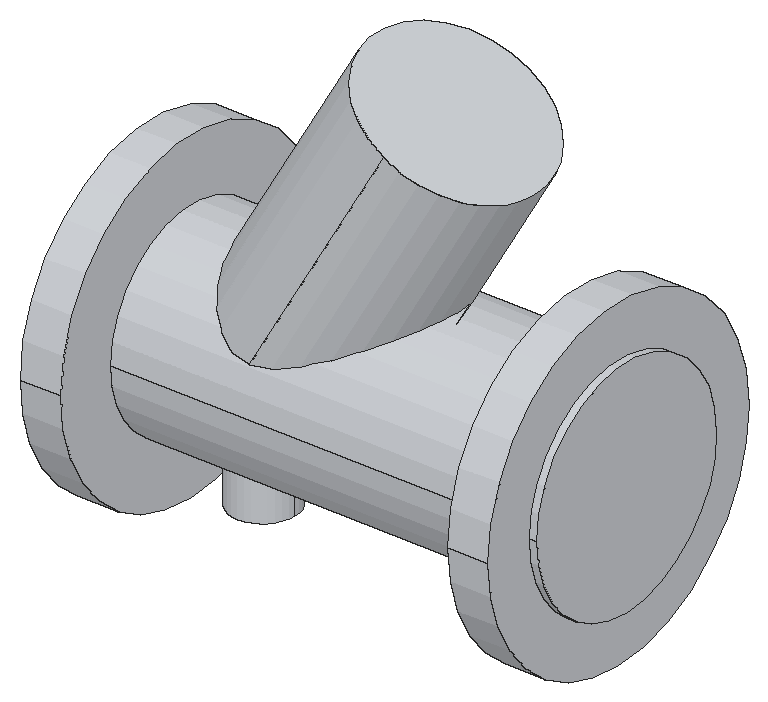
Revit family "HS 821-síto_jemné-PN40-DN100-RFA_2018", category Pipe Accessories, Revit 2018
Family settings
  Round Connector Dimension = Use Diameter
  Part Type = Breaks Into
  Work Plane-Based = No
  Always vertical = Yes
  Cut with Voids When Loaded = No
  Shared = No
Parameters (values of type "821F-DN100-PN40-síto_jemné")
  magiProductId = "8a45d4e8e2ab425f8c432f21d684f3"
  magiProductFamilyId = "79214ac3aaa945e397802f559f5c1e"
  magiPartTypeId = 307
  isMeasuringValve [instance] = no
  ang2D [instance] = 0.00°
  ZB__ve = -ZB  # -37.25 mm
  ZB1 = 65.61 mm
  ZB = 37.25 mm
  X2 = 114.857 mm
  X1 = 49 mm
  W2D = 15 mm
  VersionID = "2.0/2017.9.26.1/ZETKAMA_821_001"
  Use Minimum Symbol Size [instance] = yes
  URL = "www.hydronic.cz"
  Type Comments = "Filtr přírubový; síto jemné; A-PN16 (-10~300°C); D-PN25 (-10~350°C); F-PN40 (-10~400°C)"
  S = 162 mm
  QmdConnectorList = "301;D;302;D"
  Productdata [instance] = ""
  Manufacturer = "Hydronic Systems Prague s.r.o."
  MC Product Code = "250 690 (821F; DN100; PN40; kvs206,4; oko síta 0,63mm)"
  LM1 = 28 mm
  LM = 280 mm
  L4 = 87.5 mm
  L2D_Min = 3048 mm
  L2D = 130 mm
  L2 = 175 mm
  HH2 = 198.937 mm
  FD = 235 mm
  Description = "Filtr přírubový; síto jemné; 821A-PN16; 821D-PN25; 821F-PN40"
  DM1 = 131.4 mm
  DM = 145.8 mm
  D = 100 mm
  CC = 5.95 mm
  CAT0 = yes
  C1 = 29.05 mm
  C = 35 mm
  BD = 45.927 mm
Types (40, lengths in mm): name | magiProductId | ZB__ve | ZB1 | ZB | X2 | X1 | S | MC Product Code | LM1 | LM | L4 | L2 | HH2 | FD | DM1 | DM | D | CC | C1 | C | BD
  821A-DN015-PN16-síto_jemné | "a71bcfe8b393460598b23e8ddf7dc5" | -16.25 | 18.63 | 16.25 | 46.982 | 18.2 | 46 | "210 115 (821A; DN015; PN16; kvs6,2; oko síta 0,63mm)" | 10.4 | 104 | 32.5 | 65 | 81.375 | 95 | 27.6 | 41.4 | 15 | 2.21 | 10.79 | 13 | 13.041
  821A-DN020-PN16-síto_jemné | "41cd6c7a12924f4991217528336076" | -17.75 | 22.68 | 17.75 | 51.673 | 21 | 56 | "210 120 (821A; DN020; PN16; kvs9,6; oko síta 0,63mm)" | 12 | 120 | 37.5 | 75 | 89.5 | 105 | 33.6 | 50.4 | 20 | 2.55 | 12.45 | 15 | 15.876
  821A-DN025-PN16-síto_jemné | "be378b463ed14c3abf4c9b3ae8cf3a" | -19.25 | 26.325 | 19.25 | 58.601 | 22.4 | 65 | "210 125 (821A; DN025; PN16; kvs14,2; oko síta 0,63mm)" | 12.8 | 128 | 40 | 80 | 101.5 | 115 | 43.2 | 58.5 | 25 | 2.72 | 13.28 | 16 | 18.427
  821A-DN032-PN16-síto_jemné | "227a0d18b21540afabe8b6067d35fa" | -23 | 30.78 | 23 | 68.849 | 25.2 | 76 | "210 132 (821A; DN032; PN16; kvs23,1; oko síta 0,63mm)" | 14.4 | 144 | 45 | 90 | 119.25 | 140 | 50.4 | 68.4 | 32 | 3.06 | 14.94 | 18 | 21.546
  821A-DN040-PN16-síto_jemné | "d106917c74724141a10440112d0102" | -24.5 | 34.02 | 24.5 | 75.777 | 28 | 84 | "210 140 (821A; DN040; PN16; kvs36,6; oko síta 0,63mm)" | 16 | 160 | 50 | 100 | 131.25 | 150 | 60 | 75.6 | 40 | 3.4 | 16.6 | 20 | 23.814
  821A-DN050-PN16-síto_jemné | "8255d456a09e4f6486734f5dd9171b" | -26.75 | 40.095 | 26.75 | 79.061 | 32.2 | 99 | "210 150 (821A; DN050 PN16; kvs53,7; oko síta 0,63mm)" | 18.4 | 184 | 57.5 | 115 | 136.938 | 165 | 73.8 | 89.1 | 50 | 3.91 | 19.09 | 23 | 28.066
  821A-DN065-PN16-síto_jemné | "235b1b3e4c0843779a4d5e3716d40a" | -29.75 | 47.79 | 29.75 | 86.927 | 40.6 | 118 | "210 165 (821A; DN065; PN16; kvs95,1; oko síta 0,63mm)" | 23.2 | 232 | 72.5 | 145 | 150.562 | 185 | 94.2 | 106.2 | 65 | 4.93 | 24.07 | 29 | 33.453
  821A-DN080-PN16-síto_jemné | "a067f7c5236348ed8c820d16df7214" | -32 | 53.46 | 32 | 104.753 | 43.4 | 132 | "210 180 (821A; DN080; PN16; kvs137,1; oko síta 0,63mm)" | 24.8 | 248 | 77.5 | 155 | 181.438 | 200 | 107.4 | 118.8 | 80 | 5.27 | 25.73 | 31 | 37.422
  821A-DN100-PN16-síto_jemné | "c49a648c2747461285837d643703cd" | -35 | 63.18 | 35 | 114.857 | 49 | 156 | "210 190 (821A; DN100; PN16; kvs206,4; oko síta 0,63mm)" | 28 | 280 | 87.5 | 175 | 198.937 | 220 | 131.4 | 140.4 | 100 | 5.95 | 29.05 | 35 | 44.226
  821A-DN125-PN16-síto_jemné | "bf68e728a163493cbd2a663b26ebdc" | -39.5 | 74.52 | 39.5 | 131.888 | 56 | 184 | "210 191 (821A; DN125; PN16; kvs268,8; oko síta 0,63mm)" | 32 | 320 | 100 | 200 | 228.438 | 250 | 165 | 165.6 | 125 | 6.8 | 33.2 | 40 | 52.164
  821A-DN150-PN16-síto_jemné | "2de770284b654863ae6bc865769dc5" | -44.75 | 85.455 | 44.75 | 155.885 | 67.2 | 211 | "210 192 (821A; DN150; PN16; kvs401,4; oko síta 0,63mm)" | 38.4 | 384 | 120 | 240 | 270 | 285 | 192 | 189.9 | 150 | 8.16 | 39.84 | 48 | 59.818
  821A-DN200-PN16-síto_jemné | "8e5693371ab64aabb29a7f08c76e15" | -53 | 107.73 | 53 | 188.361 | 84 | 266 | "210 193 (821A; DN200; PN16; kvs706,7; oko síta 0,63mm)" | 48 | 480 | 150 | 300 | 326.25 | 340 | 252 | 239.4 | 200 | 10.2 | 49.8 | 60 | 75.411
  821A-DN250-PN16-síto_jemné | "05e37ed948c34047acdd4c42556504" | -62.75 | 129.195 | 62.75 | 255.911 | 102.2 | 319 | "210 194 (821A; DN250; PN16; kvs1229,4; oko síta 0,63mm)" | 58.4 | 584 | 182.5 | 365 | 443.25 | 405 | 309.6 | 287.1 | 250 | 12.41 | 60.59 | 73 | 90.436
  821A-DN300-PN16-síto_jemné | "9ad0af747269428da925480d83ce80" | -71 | 149.85 | 71 | 325.914 | 119 | 370 | "210 195 (821A; DN300; PN16; kvs1902,4; oko síta 0,63mm)" | 68 | 680 | 212.5 | 425 | 564.5 | 460 | 369.6 | 333 | 300 | 14.45 | 70.55 | 85 | 104.895
  821A-DN350-PN16-síto_jemné | "eebc71459bb3451bb4355e7951370a" | -80 | 173.745 | 80 | 356.875 | 137.2 | 429 | "200 196 (821A; DN350; PN16; kvs2611,0; oko síta 0,63mm)" | 78.4 | 784 | 245 | 490 | 618.125 | 520 | 438 | 386.1 | 350 | 16.66 | 81.34 | 98 | 121.621
  821A-DN400-PN16-síto_jemné | "d2f677cb196647e385b2590e7d8abe" | -89 | 194.4 | 89 | 392.237 | 154 | 480 | "210 197 (821A; DN400; PN16; kvs3438,4; oko síta 0,63mm)" | 88 | 880 | 275 | 550 | 679.375 | 580 | 498 | 432 | 400 | 18.7 | 91.3 | 110 | 136.08
  821D-DN015-PN25-síto_jemné | "27ddcbf555414f8ca1fde329bf9087" | -16.25 | 18.63 | 16.25 | 46.982 | 18.2 | 46 | "210 215 (821D; DN015; PN25; kvs6,2; oko síta 0,63mm)" | 10.4 | 104 | 32.5 | 65 | 81.375 | 95 | 27.6 | 41.4 | 15 | 2.21 | 10.79 | 13 | 13.041
  821D-DN020-PN25-síto_jemné | "270e0f14012f47189cd0235c18faee" | -17.75 | 22.68 | 17.75 | 51.673 | 21 | 56 | "210 220 (821D; DN020; PN25; kvs9,6; oko síta 0,63mm)" | 12 | 120 | 37.5 | 75 | 89.5 | 105 | 33.6 | 50.4 | 20 | 2.55 | 12.45 | 15 | 15.876
  821D-DN025-PN25-síto_jemné | "b9a7fb4aa36643878c637d8e1ab992" | -19.25 | 26.325 | 19.25 | 58.601 | 22.4 | 65 | "210 225 (821D; DN025; PN25; kvs14,2; oko síta 0,63mm)" | 12.8 | 128 | 40 | 80 | 101.5 | 115 | 43.2 | 58.5 | 25 | 2.72 | 13.28 | 16 | 18.427
  821D-DN032-PN25-síto_jemné | "6be9a55c4e68400f94eec7e804204c" | -23 | 30.78 | 23 | 68.849 | 25.2 | 76 | "210 232 (821D; DN032; PN25; kvs23,1; oko síta 0,63mm)" | 14.4 | 144 | 45 | 90 | 119.25 | 140 | 50.4 | 68.4 | 32 | 3.06 | 14.94 | 18 | 21.546
  821D-DN040-PN25-síto_jemné | "c54511bd7f584ec2984291479612cb" | -24.5 | 34.02 | 24.5 | 75.777 | 28 | 84 | "210 240 (821D; DN040; PN25; kvs36,6; oko síta 0,63mm)" | 16 | 160 | 50 | 100 | 131.25 | 150 | 60 | 75.6 | 40 | 3.4 | 16.6 | 20 | 23.814
  821D-DN050-PN25-síto_jemné | "5483b1f596b04cd39b23a14a22c90e" | -26.75 | 40.095 | 26.75 | 79.061 | 32.2 | 99 | "210 250 (821D; DN050; PN25; kvs53,7; oko síta 0,63mm)" | 18.4 | 184 | 57.5 | 115 | 136.938 | 165 | 73.8 | 89.1 | 50 | 3.91 | 19.09 | 23 | 28.066
  821D-DN065-PN25-síto_jemné | "767b0f8318e94750bc7a9930ed5b30" | -29.75 | 47.79 | 29.75 | 86.927 | 40.6 | 118 | "210 265 (821D; DN065; PN25; kvs95,1; oko síta 0,63mm)" | 23.2 | 232 | 72.5 | 145 | 150.562 | 185 | 94.2 | 106.2 | 65 | 4.93 | 24.07 | 29 | 33.453
  821D-DN080-PN25-síto_jemné | "e21040fa3cc2404b858198f6b73709" | -32 | 53.46 | 32 | 104.753 | 43.4 | 132 | "210 280 (821D; DN080; PN25; kvs137,1; oko síta 0,63mm)" | 24.8 | 248 | 77.5 | 155 | 181.438 | 200 | 107.4 | 118.8 | 80 | 5.27 | 25.73 | 31 | 37.422
  821D-DN100-PN25-síto_jemné | "175ca87a506b40b3bc6b82f12f33cf" | -37.25 | 63.18 | 37.25 | 114.857 | 49 | 156 | "210 290 (821D; DN100; PN25; kvs206,4; oko síta 0,63mm)" | 28 | 280 | 87.5 | 175 | 198.937 | 235 | 131.4 | 140.4 | 100 | 5.95 | 29.05 | 35 | 44.226
  821D-DN125-PN25-síto_jemné | "77cc98d60da24855999a22dff726b2" | -42.5 | 74.52 | 42.5 | 131.888 | 56 | 184 | "210 291 (821D; DN125; PN25; kvs268,8; oko síta 0,63mm)" | 32 | 320 | 100 | 200 | 228.438 | 270 | 165 | 165.6 | 125 | 6.8 | 33.2 | 40 | 52.164
  821D-DN150-PN25-síto_jemné | "9cf8acfcd15547d68e83172d3abcbe" | -47 | 85.455 | 47 | 155.885 | 67.2 | 211 | "210 292 (821D; DN150; PN25; kvs401,4; oko síta 0,63mm)" | 38.4 | 384 | 120 | 240 | 270 | 300 | 192 | 189.9 | 150 | 8.16 | 39.84 | 48 | 59.818
  821D-DN200-PN25-síto_jemné | "16973f3c9ea14389ba8602495a6b64" | -56 | 110.97 | 56 | 188.361 | 84 | 274 | "210 293 (821D; DN200; PN25; kvs706,7; oko síta 0,63mm)" | 48 | 480 | 150 | 300 | 326.25 | 360 | 252 | 246.6 | 200 | 10.2 | 49.8 | 60 | 77.679
  821F-DN015-PN40-síto_jemné | "4c7eaf3c4c0340888b3e684d8a8616" | -16.25 | 18.225 | 16.25 | 46.982 | 18.2 | 45 | "250 615 (821F; DN015; PN40; kvs6,2; oko síta 0,63mm)" | 10.4 | 104 | 32.5 | 65 | 81.375 | 95 | 27.6 | 40.5 | 15 | 2.21 | 10.79 | 13 | 12.757
  821F-DN020-PN40-síto_jemné | "aaac5f1ec96b44d6ba96ac2293d66d" | -17.75 | 23.49 | 17.75 | 51.673 | 21 | 58 | "250 620 (821F; DN020; PN40; kvs9,6; oko síta 0,63mm)" | 12 | 120 | 37.5 | 75 | 89.5 | 105 | 33.6 | 52.2 | 20 | 2.55 | 12.45 | 15 | 16.443
  821F-DN025-PN40-síto_jemné | "504768023968471481789485b54c7e" | -19.25 | 27.54 | 19.25 | 58.601 | 22.4 | 68 | "250 625 (821F; DN025; PN40; kvs14,2; oko síta 0,63mm)" | 12.8 | 128 | 40 | 80 | 101.5 | 115 | 43.2 | 61.2 | 25 | 2.72 | 13.28 | 16 | 19.278
  821F-DN032-PN40-síto_jemné | "165e7f39cf744f329bdf1c400dad12" | -23 | 31.59 | 23 | 68.849 | 25.2 | 78 | "250 632 (821F; DN032; PN40; kvs23,1; oko síta 0,63mm)" | 14.4 | 144 | 45 | 90 | 119.25 | 140 | 50.4 | 70.2 | 32 | 3.06 | 14.94 | 18 | 22.113
  821F-DN040-PN40-síto_jemné | "b8903f952089408fbf3a5a632bab1f" | -24.5 | 35.64 | 24.5 | 75.777 | 28 | 88 | "250 640 (821F; DN040; PN40; kvs36,6; oko síta 0,63mm)" | 16 | 160 | 50 | 100 | 131.25 | 150 | 60 | 79.2 | 40 | 3.4 | 16.6 | 20 | 24.948
  821F-DN050-PN40-síto_jemné | "c451f97266fe48da8f879cb6a2bd44" | -26.75 | 41.31 | 26.75 | 79.061 | 32.2 | 102 | "250 650 (821F; DN050; PN40; kvs53,7; oko síta 0,63mm)" | 18.4 | 184 | 57.5 | 115 | 136.938 | 165 | 73.8 | 91.8 | 50 | 3.91 | 19.09 | 23 | 28.917
  821F-DN065-PN40-síto_jemné | "dc9821e3f9b34e128f6a8c6b34c198" | -29.75 | 49.41 | 29.75 | 86.927 | 40.6 | 122 | "250 665 (821F; DN065; PN40; kvs95,1; oko síta 0,63mm)" | 23.2 | 232 | 72.5 | 145 | 150.562 | 185 | 94.2 | 109.8 | 65 | 4.93 | 24.07 | 29 | 34.587
  821F-DN080-PN40-síto_jemné | "689aa1e260f84cf4994f027a1d86b5" | -32 | 55.89 | 32 | 104.753 | 43.4 | 138 | "250 680 (821F; DN080; PN40; kvs137,1; oko síta 0,63mm)" | 24.8 | 248 | 77.5 | 155 | 181.438 | 200 | 107.4 | 124.2 | 80 | 5.27 | 25.73 | 31 | 39.123
  821F-DN100-PN40-síto_jemné | "8a45d4e8e2ab425f8c432f21d684f3" | -37.25 | 65.61 | 37.25 | 114.857 | 49 | 162 | "250 690 (821F; DN100; PN40; kvs206,4; oko síta 0,63mm)" | 28 | 280 | 87.5 | 175 | 198.937 | 235 | 131.4 | 145.8 | 100 | 5.95 | 29.05 | 35 | 45.927
  821F-DN125-PN40-síto_jemné | "cf073904c006406b8645afa67ea2fc" | -42.5 | 76.14 | 42.5 | 131.888 | 56 | 188 | "250 691 (821F; DN125; PN40; kvs268,8; oko síta 0,63mm)" | 32 | 320 | 100 | 200 | 228.438 | 270 | 165 | 169.2 | 125 | 6.8 | 33.2 | 40 | 53.298
  821F-DN150-PN40-síto_jemné | "0153b9ddabe14992a630484929fdbc" | -47 | 88.29 | 47 | 155.885 | 67.2 | 218 | "250 692 (821F; DN150; PN40; kvs401,4; oko síta 0,63mm)" | 38.4 | 384 | 120 | 240 | 270 | 300 | 192 | 196.2 | 150 | 8.16 | 39.84 | 48 | 61.803
  821F-DN200-PN40-síto_jemné | "7fb3fc01dd8d42428c203e3f8dd4d5" | -56 | 115.425 | 56 | 188.361 | 84 | 285 | "250 693 (821F; DN200; PN40; kvs706,7; oko síta 0,63mm)" | 48 | 480 | 150 | 300 | 326.25 | 360 | 252 | 256.5 | 200 | 10.2 | 49.8 | 60 | 80.797
Reference planes
  plane 1 "Center (Front/Back)": y = 0
  plane 2 "XYPLANE": z = 0
  plane 3 "Center (Left/Right)": x = 0
  plane 4 "109": x = -112
  plane 5 "108": x = 140
  plane 6 "107": x = -140
  plane 7 "105": x = 175
  plane 8 "104": x = -175
  plane 9 "103": y = 0
  plane 10 "102": z = 0
  plane 11 "101": x = -169.05
  plane 12 "100": x = 169.05
  plane 13 "11": x = -63
  plane 14 "10": z = 198.937
  plane 15 "9": x = 51.857
  plane 16 "5": z = -65.61
  plane 17 "4": x = -87.5
  plane 18 "1": x = 87.5
Forms (mm)
  Extrusion 1, solid, visible <- "CAT0"
    sketch origin (-140, -750, 0) x (0, 1, 0) y (0, 0, 1)
      loop
        circle (750, 0) r 72.9
    from 0 to 280 <- "LM"
  Extrusion 2, solid
    sketch origin (-175, -750, 0) x (0, 1, 0) y (0, 0, 1)
      loop
        circle (750, 0) r 81
    from 0 to 5.95 <- "CC"
  Extrusion 3, solid
    sketch origin (-169.05, -750, 0) x (0, 1, 0) y (0, 0, 1)
      loop
        circle (750, 0) r 117.5
    from 0 to 29.05 <- "C1"
  Extrusion 4, solid
    sketch origin (140, -750, 0) x (0, 1, 0) y (0, 0, 1)
      loop
        circle (750, 0) r 117.5
    from 0 to 29.05 <- "C1"
  Extrusion 5, solid
    sketch origin (169.05, -750, 0) x (0, 1, 0) y (0, 0, 1)
      loop
        circle (750, 0) r 81
    from 0 to 5.95 <- "CC"
  Sweep 6, solid, visible <- "CAT0"
    path origin (750, 0, 0) x (-1, 0, 0) y (0, 0, 1)
      loop
        line (890, 0) -> (813, 0) -> (698.143, 198.937)
    profile origin (-140, 0, 0) x (0, 0, -1) y (0, 1, 0)
      loop
        circle (0, 0) r 65.7
  Extrusion 7, solid, visible <- "CAT0"
    sketch origin (-750, 0, -65.61) x (1, 0, 0) y (0, 1, 0)
      loop
        circle (662.5, 0) r 22.963
    from 0 to -37.25 <- "ZB__ve"
  Extrusion 8, solid, visible <- "CAT0"
    sketch origin (-750, 0, -65.61) x (1, 0, 0) y (0, 1, 0)
      loop
        circle (837.5, 0) r 22.963
    from 0 to -37.25 <- "ZB__ve"
  Extrusion 9, solid, not visible
    sketch origin (175, -750, 0) x (0, 1, 0) y (0, 0, 1)
      loop
        circle (750, 0) r 10
    from 0 to -10
  Extrusion 10, solid, not visible
    sketch origin (-175, -750, 0) x (0, 1, 0) y (0, 0, 1)
      loop
        circle (750, 0) r 10
    from 0 to 10
Lines and regions (mm)
  reference lines, not visible
    curve 1: circle (2, 2, 0) r 1 normal (0, 0, 1)
Dimensions and locks
  plane 1 "Center (Front/Back)" to curve 1 = 2 mm
  "LM1": plane 6 "107" to plane 4 "109"
  "LM": plane 6 "107" to plane 5 "108"
  "C": plane 8 "104" to plane 6 "107"
  "L2": plane 3 "Center (Left/Right)" to plane 7 "105"
  "L2": plane 3 "Center (Left/Right)" to plane 8 "104"
  locked: plane 1 "Center (Front/Back)" to plane 9 "103"
  locked: plane 2 "XYPLANE" to plane 10 "102"
  "CC": plane 8 "104" to plane 11 "101"
  "C1": plane 5 "108" to plane 12 "100"
  "X1": plane 4 "109" to plane 13 "11"
  "HH2": plane 2 "XYPLANE" to plane 14 "10"
  "X2": plane 13 "11" to plane 15 "9"
  "ZB1": plane 2 "XYPLANE" to plane 16 "5"
  "L4": plane 8 "104" to plane 17 "4"
  "L2": plane 17 "4" to plane 18 "1"
  Sweep 6 sketch curve to Sweep 6 sketch curve = 0 mm  (x2)
  "DM": diameter of Extrusion 1 sketch curve
  "S": diameter of Extrusion 2 sketch curve
  "FD": diameter of Extrusion 3 sketch curve
  "FD": diameter of Extrusion 4 sketch curve
  "S": diameter of Extrusion 5 sketch curve
  "DM1": diameter of Sweep 6 sketch curve
  "BD": diameter of Extrusion 7 sketch curve
  "BD": diameter of Extrusion 8 sketch curve
  aligned and locked: level to plane 2 "XYPLANE"
  aligned and locked: Extrusion 1 sketch curve to plane 9 "103"
  aligned and locked: plane 10 "102" to Extrusion 1 sketch curve
  aligned and locked: Extrusion 2 sketch curve to plane 9 "103"
  aligned and locked: plane 10 "102" to Extrusion 2 sketch curve
  aligned and locked: Extrusion 3 sketch curve to plane 9 "103"
  aligned and locked: plane 10 "102" to Extrusion 3 sketch curve
  aligned and locked: Extrusion 4 sketch curve to plane 9 "103"
  aligned and locked: plane 10 "102" to Extrusion 4 sketch curve
  aligned and locked: Extrusion 5 sketch curve to plane 9 "103"
  aligned and locked: plane 10 "102" to Extrusion 5 sketch curve
  aligned and locked: Sweep 6 sketch curve to plane 9 "103"
  aligned and locked: plane 10 "102" to Sweep 6 sketch curve  (x3)
  aligned and locked: plane 6 "107" to Sweep 6 sketch curve
  aligned and locked: plane 13 "11" to Sweep 6 sketch curve
  aligned and locked: plane 14 "10" to Sweep 6 sketch curve
  aligned and locked: plane 15 "9" to Sweep 6 sketch curve
  aligned and locked: plane 9 "103" to Extrusion 7 sketch curve
  aligned and locked: plane 17 "4" to Extrusion 7 sketch curve
  aligned and locked: plane 9 "103" to Extrusion 8 sketch curve
  aligned and locked: plane 18 "1" to Extrusion 8 sketch curve
  aligned and locked: Extrusion 9 sketch curve to plane 9 "103"
  aligned and locked: plane 10 "102" to Extrusion 9 sketch curve
  aligned and locked: Extrusion 10 sketch curve to plane 9 "103"
  aligned and locked: plane 10 "102" to Extrusion 10 sketch curve
Automatic sketch dimensions
  plane 1 "Center (Front/Back)" to Extrusion 9 sketch curve = 10 mm
  plane 1 "Center (Front/Back)" to Extrusion 10 sketch curve = 10 mm
  plane 3 "Center (Left/Right)" to curve 1 = 2 mm
  radius of curve 1 = 1 mm
Connectors
  piping at (-175, 0, 0), diameter 100, driven by "D"
    settings: on Extrusion 10, index 1, connector inside diameter 609.6 mm, connector length 0 mm, flow factor 0, pipe flow 0.0 L/s, pressure drop 0.0 Pa, fitting loss kfactor 0, connector angle 0.00°, fixture units 0, engagement length 0 mm, angle of deflection 0.00°, flow configuration 0, flow direction 0, fitting loss method 0, system type 29, joint type 0, gender type 0, connector reference index 2, connector utility 0, adjustable connector no, is connector primary yes, connector description ""
  piping at (175, 0, 0), diameter 100, driven by "D"
    settings: on Extrusion 9, index 2, connector inside diameter 609.6 mm, connector length 0 mm, flow factor 0, pipe flow 0.0 L/s, pressure drop 0.0 Pa, fitting loss kfactor 0, connector angle 0.00°, fixture units 0, engagement length 0 mm, angle of deflection 0.00°, flow configuration 0, flow direction 0, fitting loss method 0, system type 29, joint type 0, gender type 0, connector reference index 1, connector utility 0, adjustable connector no, is connector primary no, connector description ""
